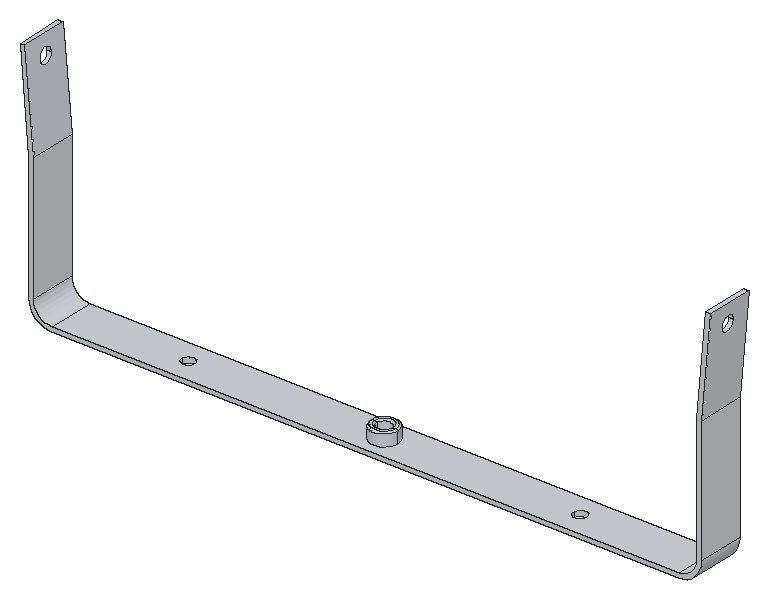
Revit family "1 SOUND_C-Clamp_Panorama_MS34", category Communication Devices, host Face, Revit 2020
Family settings
  Host = Face
  Maintain Annotation Orientation = No
  Round Connector Dimension = Use Diameter
  Part Type = Normal
  Cut with Voids When Loaded = No
  Shared = No
  Room Calculation Point = No
Parameters (values of type "MS34 C-Clamp")
  Weight = ".30 kg"
  URL = "https://www.1-sound.com/cclamps"
  Model = "C-Clamp; MS34"  # constant formula
  Material = "Zinc Plated"
  Manufacturer = "1 SOUND"  # constant formula
  Finish = "Powder Coated or Brushed Stainless Steel"
  Dimensions (HxWxD) = "25.40mm x  365.04mm x 132.91mm"  # constant formula
  Default Elevation = 2438.40 mm  # constant formula
  Construction = "Galvanized Steel or Stainless Steel 316"  # constant formula
  Category = "Accessory"  # constant formula
  Accessory Finish [instance] = none
Reference planes
  plane 1 "Center (Front/Back)": y = 0
  plane 2: z = 0
  plane 3 "Center (Left/Right)": x = 0
Forms (mm)
  Extrusion 1, solid, material <- "Accessory Finish"
    sketch origin (0, 0, 0) x (1, 0, 0) y (0, 0, 1)
      loop
        line (-177.9, 80.097) -> (-182.52, 132.907) -> (-185.011, 132.69) -> (-180.4, 79.988) -> (-180.4, 12.34)
        arc (-180.4, 12.34) -> (-176.683, 3.605) -> (-167.901, 0) r 12.5
        line (-167.901, 0) -> (167.901, 0)
        arc (167.901, 0) -> (176.683, 3.605) -> (180.4, 12.34) r 12.5
        line (180.4, 12.34) -> (180.4, 79.988) -> (185.011, 132.69) -> (182.52, 132.907) -> (177.9, 80.097) -> (177.9, 12.357)
        arc (177.9, 12.357) -> (174.921, 5.378) -> (167.901, 2.5) r 10
        line (167.901, 2.5) -> (-167.901, 2.5)
        arc (-167.901, 2.5) -> (-174.921, 5.378) -> (-177.9, 12.357) r 10
        line (-177.9, 12.357) -> (-177.9, 80.097)
    from -12.7 to 12.7
  Revolve 2, solid
    sketch origin (0, 0, 0) x (1, 0, 0) y (0, 0, 1)
      loop
        line (0, -0.548) -> (6.35, -0.548) -> (6.35, 2.5) -> (7.234, 2.5) -> (7.234, 8.442) -> (6.35, 9.326) -> (4.853, 9.326) -> (3.969, 8.442) -> (3.969, 2.5) -> (0, 2.5) -> (0, -0.548)
      axis (0, -0.548) -> (0, 9.326)
    angle from 0 to 360
  Extrusion 3, void
    sketch origin (-151.945, 0, 3.854) x (0, 1, 0) y (-0.087156, 0, 0.996195)
      loop
        circle (0, 120.828) r 4.18
    from -21.711 to -19.211
  Extrusion 4, void
    sketch origin (151.945, 0, 3.854) x (0, 1, 0) y (-0.087156, 0, -0.996195)
      loop
        circle (0, -120.828) r 4.18
    from -21.711 to -19.211
  Extrusion 5, void
    sketch origin (0, 0, 0) x (-1, 0, 0) y (0, -1, 0)
      loop
        circle (-105, 0) r 3.6
    from 0 to 2.5
  Extrusion 6, void
    sketch origin (0, 0, 0) x (1, 0, 0) y (0, 1, 0)
      loop
        circle (-105, 0) r 3.6
    from 0 to 2.5
Cuts and joins
  Extrusion 3, Extrusion 4, Extrusion 5, Extrusion 6 cuts Extrusion 1
Dimensions and locks
  aligned and locked: plane 2 to host face
  aligned and locked: level to host face
